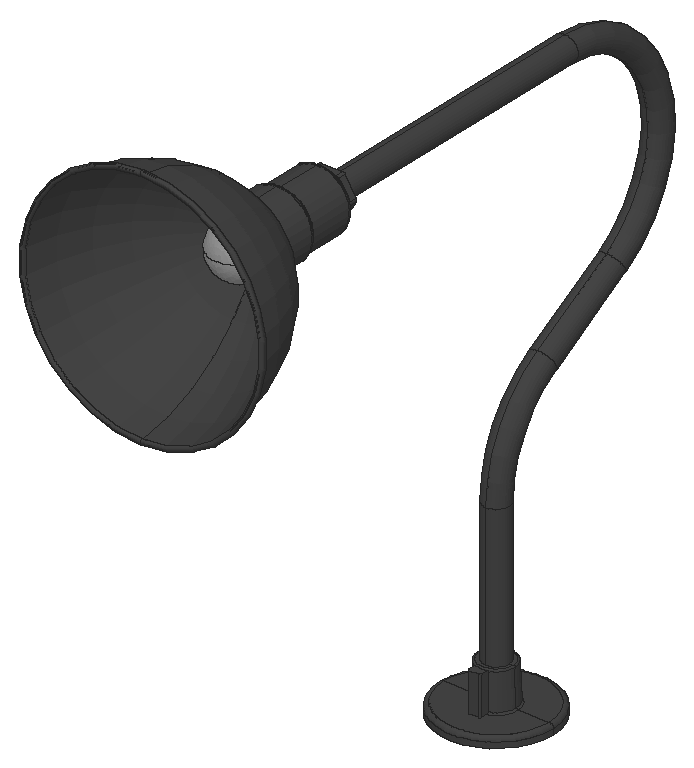
Revit family "BLE-G-DBW-G24-E26", category Lighting Fixtures, host Face, Revit 2022
Family settings
  Host = Face
  Round Connector Dimension = Use Diameter
  Part Type = Normal
  Cut with Voids When Loaded = No
  Light Source = Yes
  Maintain Annotation Orientation = No
  Shared = No
  Room Calculation Point = No
Parameters (values of type "10"")
  Wattage = 5.72229 W
  built-in parameter 1150110 = 1 (stored number, unit not read)
  built-in parameter 1114217 = 1 (stored number, unit not read)
  Tilt Angle = 0.00°
  built-in parameter 1150109 = 1 (stored number, unit not read)
  built-in parameter 1150134 = (empty or 0)
  built-in parameter 1150113 = 1 (stored number, unit not read)
  Gooseneck Material = 100 - Black
  Shade Material = 100 - Black
  Photometric Web File = "generic"
  built-in parameter 1150142 = (empty or 0)
  built-in parameter 1150105 = 67.641 (stored number, unit not read)
  Lumens = 850 lm
  built-in parameter 1150115 = 1 (stored number, unit not read)
  built-in parameter 1150137 = (empty or 0)
  built-in parameter 1150139 = (empty or 0)
  built-in parameter 1150112 = 1 (stored number, unit not read)
  built-in parameter 1150114 = 1 (stored number, unit not read)
  built-in parameter 1150132 = 2
  built-in parameter 1150102 = (empty or 0)
  built-in parameter 1150107 = 3000 (stored number, unit not read)
  built-in parameter 1150138 = (empty or 0)
  built-in parameter 1150106 = 0.67641 (stored number, unit not read)
  24" = no
  built-in parameter 1150104 = 13.8 (stored number, unit not read)
  20" = no
  Dimming Lamp Color Temperature Shift = <None>
  Default Elevation = 4' - 0"
  Color Filter = 16777215
  Base Material = 100 - Black
  built-in parameter 1114218 = 1 (stored number, unit not read)
  built-in parameter 1150133 = 10 (stored number, unit not read)
  16" = no
  14" = no
  12" = no
  10" = yes
Types (7): name | 24" | 20" | 16" | 14" | 12" | 10"
  (no name) | no | no | no | no | no | yes
  12" | no | no | no | no | yes | no
  14" | no | no | no | yes | no | no
  16" | no | no | yes | no | no | no
  10" | no | no | no | no | no | yes
  20" | no | yes | no | no | no | no
  24" | yes | no | no | no | no | no
Reference planes (in)
  plane 1 "Center (Front/Back)": y = 0
  plane 2: z = 0
  plane 3 "Center (Left/Right)": x = 0
Lines and regions (in)
  reference lines
    curve 1: line (0, 32, 0) -> (0, -36, 0)
    curve 2: line (-33.11947, 0, 0) -> (37.88053, 0, 0)
Dimensions and locks (in)
  locked: plane 1 "Center (Front/Back)" to imposter light at 13
  aligned and locked: plane 2 to host face
  aligned and locked: level to host face
  aligned and locked: plane 3 "Center (Left/Right)" to nested 1
  aligned and locked: plane 1 "Center (Front/Back)" to nested 1
  aligned and locked: nested 4 to imposter light
  aligned and locked: imposter light to nested 6  (x2)
  aligned and locked: nested 7 to nested 3
  aligned and locked: imposter light to plane 3 "Center (Left/Right)"
  aligned and locked: plane 1 "Center (Front/Back)" to nested 2
  aligned and locked: nested 5 to imposter light
  aligned and locked: imposter light to nested 3
  aligned and locked: nested 7 to imposter light
  aligned and locked: nested 3 to imposter light
  aligned and locked: imposter light to nested 5
Nested families (in)
  nested 1: "WBP-7501" at (0, 0, 0), type "WBP-7501"
  nested 2: "GNK-7524" at (0, 0, 1.975), type "GNK-5011"
  nested 3: "DBW Shade" at (0, -9.0266, 22.72143) x (0, 0, -1) z (0, -1, 0), type "DBW Shade"
    with 24" no, 20" no, 16" no, 14" no, 12" no
  nested 4: "103264" at (0, -3.60156, 22.72143) x (0, 0, -1) z (0, -1, 0), type "103264"
    with Heat Sink 9" no
  nested 5: "CPL-0004" at (0, -8.37642, 22.72143) x (1, 0, 0) z (0, -1, 0), type "CPL-0004"
  nested 6: "E26 Socket Assy" at (0, -9.06567, 22.72143) x (0, 0, -1) z (0, -1, 0), type "E26 Socket Assy"
  nested 7: "E26 Bulb" at (0, -11.32065, 22.72143) x (1, 0, 0) z (0, -1, 0), type "E26 Bulb"
Connectors (in)
  electrical at (0, 0, 0)
    settings: index 1, voltage 0 V, apparent load 0 VA, apparent load phase1 0 VA, apparent load phase2 0 VA, apparent load phase3 0 VA, power factor 1, load classification "Other", number of poles 1, system type 31, power factor state 1, is connector primary yes, connector utility no, sub classification motor no, connector description ""
Definition of nested family "WBP-7501"
  Parameters (values of type "WBP-7501")
    Default Elevation = 3' - 0"
    Base Material = none
  Reference planes (in)
    plane 1 "Center (Front/Back)": y = 0
    plane 2: z = 0
    plane 3 "Center (Left/Right)": x = 0
    plane 4 "Base Dia": x = -2.325
    plane 5 "Base Height": z = 0.4
    plane 6 "Fillet Radius": z = 0.225
    plane 7: z = 0.458
    plane 8: x = -0.87
    plane 9: x = -0.81
    plane 10: x = -0.76
    plane 11: z = 1.917
    plane 12: z = 1.975
    plane 13: x = -0.7
    plane 14: x = -0.2595
    plane 15: x = 0.2595
    plane 16: y = -1.135
  Forms (in)
    Extrusion 1, solid
      sketch origin (0, 0, 0) x (1, 0, 0) y (0, 1, 0)
        loop
          line (-48, 48) -> (-48, -48) -> (48, -48) -> (48, 48) -> (-48, 48)
      from 0 to -12
    Revolve 2, solid, material <- "Base Material"
      sketch origin (0, 0, 0) x (1, 0, 0) y (0, 0, 1)
        loop
          line (0, 0) -> (0, 1.975) -> (-0.7, 1.975)
          arc (-0.7, 1.975) -> (-0.74172, 1.95814) -> (-0.76, 1.91702) r 0.06003
          line (-0.76, 1.91702) -> (-0.81, 0.458)
          arc (-0.81, 0.458) -> (-0.82699, 0.41699) -> (-0.868, 0.4) r 0.058
          line (-0.868, 0.4) -> (-2.15, 0.4)
          arc (-2.15, 0.4) -> (-2.27374, 0.34874) -> (-2.325, 0.225) r 0.175
          line (-2.325, 0.225) -> (-2.325, 0) -> (0, 0)
        axis (0, 0) -> (0, 1.975)
      angle from 0 to 360
    Extrusion 3, solid, material <- "Base Material"
      sketch origin (0, 0, 0) x (1, 0, 0) y (0, 1, 0)
        loop
          line (-0.2595, -0.76731) -> (-0.2595, -1.075)
          arc (-0.2595, -1.075) -> (-0.24193, -1.11743) -> (-0.1995, -1.135) r 0.06
          line (-0.1995, -1.135) -> (0.1995, -1.135)
          arc (0.1995, -1.135) -> (0.24193, -1.11743) -> (0.2595, -1.075) r 0.06
          line (0.2595, -1.075) -> (0.2595, -0.76731)
          arc (0.2595, -0.76731) -> (0, -0.81) -> (-0.2595, -0.76731) r 0.81
      from 0 to 1.975
  Cuts and joins
    joined: Revolve 2, Extrusion 3
  Dimensions and locks (in)
    plane 4 "Base Dia" to plane 3 "Center (Left/Right)" = 0' - 2.325"
    locked: plane 5 "Base Height" to Extrusion 1 at 0.4
    locked: plane 3 "Center (Left/Right)" to plane 4 "Base Dia" at 2.325
    locked: plane 5 "Base Height" to plane 6 "Fillet Radius" at 0.175
    locked: plane 3 "Center (Left/Right)" to plane 9 at 0.81
    locked: plane 3 "Center (Left/Right)" to plane 8 at 0.87
    locked: plane 3 "Center (Left/Right)" to plane 10 at 0.76
    locked: plane 3 "Center (Left/Right)" to plane 13 at 0.7
    locked: plane 11 to plane 5 "Base Height" at 1.517
    locked: plane 12 to plane 5 "Base Height" at 1.575
    locked: plane 7 to plane 5 "Base Height" at 0.058
    locked: plane 14 to plane 3 "Center (Left/Right)" at 0.2595
    locked: plane 3 "Center (Left/Right)" to plane 15 at 0.2595
    locked: plane 16 to plane 1 "Center (Front/Back)" at 1.135
    radius of Revolve 2 sketch curve = 0' - 0.175"
    aligned and locked: plane 2 to Extrusion 1
    aligned and locked: level to Extrusion 1
    aligned and locked: Revolve 2 sketch curve to plane 5 "Base Height"
    aligned and locked: plane 9 to Revolve 2 sketch curve
    aligned and locked: plane 3 "Center (Left/Right)" to Revolve 2 sketch curve
    aligned and locked: plane 15 to Extrusion 3 sketch curve
    aligned and locked: Extrusion 3 sketch curve to plane 16
    aligned and locked: Extrusion 3 sketch curve to plane 14
  Automatic sketch dimensions
    Extrusion 1 sketch curve to Extrusion 1 sketch curve = 8' - 0"  (x2)
    Revolve 2 sketch curve to level = 0' - 0"
    Revolve 2 sketch curve to plane 4 "Base Dia" = 0' - 0"
    Revolve 2 sketch curve to plane 7 = 0' - 0"  (x2)
    plane 10 to Revolve 2 sketch curve = 0' - 0"
    Revolve 2 sketch curve to plane 12 = 0' - 0"
    Revolve 2 sketch curve to plane 13 = 0' - 0"
    Revolve 2 sketch curve to plane 3 "Center (Left/Right)" = 0' - 0"
    Revolve 2 sketch curve to Revolve 2 sketch curve = 0' - 0.22742"
    Revolve 2 sketch curve to Revolve 2 sketch curve = 0' - 1.76377"
    plane 1 "Center (Front/Back)" to Extrusion 3 sketch curve = 0' - 0"
    Extrusion 3 sketch curve to plane 3 "Center (Left/Right)" = 0' - 0"
    plane 14 to Extrusion 3 sketch curve = 0' - 0.06"
    Extrusion 3 sketch curve to plane 15 = 0' - 0.06"
    Extrusion 3 sketch curve to Extrusion 3 sketch curve = 0' - 0.30769"
Definition of nested family "GNK-7524"
  Parameters (values of type "GNK-7524")
    Gooseneck Material = none
    Default Elevation = 2' - 0"
  Reference planes (in)
    plane 1 "Center (Front/Back)": y = 0
    plane 2: z = -0.0015
    plane 3 "Center (Left/Right)": x = 0
    plane 4 "Wood Height": z = -0.0015
    plane 5: z = 20.74643
  Forms (in)
    Extrusion 1, solid
      sketch origin (0, 0, 0) x (1, 0, 0) y (0, 1, 0)
        loop
          line (-48, 48) -> (-48, -48) -> (48, -48) -> (48, 48) -> (-48, 48)
      from -0.0015 to -12
    Sweep 2, solid, material <- "Gooseneck Material"
      path origin (0, 0, 0) x (0, 1, 0) y (0, 0, 1)
        loop
          line (0, -0.0015) -> (0, 5.74776)
          arc (0, 5.74776) -> (0.63657, 8.12347) -> (2.37571, 9.8626) r 4.75141
          line (2.37571, 9.8626) -> (5.87481, 11.88281)
          arc (5.87481, 11.88281) -> (8.08796, 17.22582) -> (3.49981, 20.74643) r 4.75
          line (3.49981, 20.74643) -> (-8.37642, 20.74643)
      profile origin (0, 0, 2.87313) x (0, -1, 0) y (1, 0, 0)
        loop
          circle (0, 0) r 0.52676
  Dimensions and locks (in)
    aligned and locked: plane 2 to Extrusion 1
    aligned and locked: level to Extrusion 1
    aligned and locked: Extrusion 1 to plane 4 "Wood Height"
  Automatic sketch dimensions
    Extrusion 1 sketch curve to Extrusion 1 sketch curve = 8' - 0"  (x2)
    Sweep 2 sketch curve to plane 1 "Center (Front/Back)" = 0' - 0"
    Sweep 2 sketch curve to plane 2 = 0' - 0"
    Sweep 2 sketch curve to plane 1 "Center (Front/Back)" = 0' - 2.37571"
    Sweep 2 sketch curve to plane 1 "Center (Front/Back)" = 0' - 3.49981"
    Sweep 2 sketch curve to Sweep 2 sketch curve = 0' - 3.4991"
    level to Sweep 2 sketch curve = 0' - 5.74776"
    Sweep 2 sketch curve to Sweep 2 sketch curve = 0' - 2.02021"
    plane 1 "Center (Front/Back)" to Sweep 2 sketch curve = 0' - 8.37642"
    Sweep 2 sketch curve to plane 3 "Center (Left/Right)" = 0' - 0"
    Sweep 2 sketch curve to profile plane = 0' - 0"
    radius of Sweep 2 sketch curve = 0' - 0.52676"
Definition of nested family "DBW Shade"
  Parameters (values of type "DBW Shade")
    Shade Material = none
    Default Elevation = 2' - 0"
    24" = yes
    20" = yes
    10" = yes
    16" = yes
    14" = yes
    12" = yes
  Reference planes (in)
    plane 1 "Center (Front/Back)": y = 0
    plane 2: z = 0
    plane 3 "Center (Left/Right)": x = 0
  Forms (in)
    Extrusion 1, solid
      sketch origin (0, 0, 0) x (1, 0, 0) y (0, 1, 0)
        loop
          line (-48, 48) -> (-48, -48) -> (48, -48) -> (48, 48) -> (-48, 48)
      from 0 to -12
  Dimensions and locks (in)
    aligned and locked: plane 2 to Extrusion 1
    aligned and locked: level to Extrusion 1
    aligned and locked: plane 1 "Center (Front/Back)" to nested 1
    aligned and locked: plane 3 "Center (Left/Right)" to nested 1
    aligned and locked: plane 3 "Center (Left/Right)" to nested 2
    aligned and locked: plane 1 "Center (Front/Back)" to nested 2
    aligned and locked: plane 1 "Center (Front/Back)" to nested 3
    aligned and locked: plane 3 "Center (Left/Right)" to nested 3
    aligned and locked: plane 1 "Center (Front/Back)" to nested 4
    aligned and locked: plane 1 "Center (Front/Back)" to nested 5
    aligned and locked: plane 3 "Center (Left/Right)" to nested 5
    aligned and locked: plane 3 "Center (Left/Right)" to nested 6
    aligned and locked: plane 1 "Center (Front/Back)" to nested 6
    aligned and locked: plane 3 "Center (Left/Right)" to nested 4
  Nested families (in)
    nested 1: "SHD-0028" at (0, 0, 0), visible <- "10"", type "SHD-0028"
    nested 2: "SHD-0029" at (0, 0, 0), visible <- "12"", type "SHD-0029"
    nested 3: "SHD-0114" at (0, 0, 0), visible <- "14"", type "SHD-0114"
    nested 4: "SHD-0115" at (0, 0, 0), visible <- "16"", type "SHD-0115"
    nested 5: "SHD-0308" at (0, 0, 0), visible <- "24"", type "SHD-0308"
    nested 6: "SHD-0223" at (0, 0, 0), visible <- "20"", type "SHD-0223"
  Definition of nested family "SHD-0028"
    Parameters (values of type "SHD-0028")
      Shade Material = none
      Default Elevation = 2' - 0"
    Reference planes (in)
      plane 1 "Center (Front/Back)": y = 0
      plane 2: z = 0
      plane 3 "Center (Left/Right)": x = 0
      plane 4 "Wood Height": z = 0
      plane 5 "Nut Radius": x = -1.03713
      plane 6 "Nut Flat": x = -0.861
      plane 7 "Shade Thickness": z = 0.04
      plane 8 "Lower Shade bottom": z = 9.109
      plane 9 "Lower Shade Outer Dia": x = -5
      plane 10 "Shade Top Dia": x = -1.20713
      plane 11 "Shade Middle Radius Height1": z = 1.965
      plane 12 "Shade Lower Diameter1": x = -1.44113
      plane 13 "Shade Top Radius": x = -1.29713
      plane 14 "Shade Middle Radious Height2": z = 2.105
      plane 15 "Shade Middle Radius Diameter2": x = -1.41363
      plane 16 "Lip Height": z = 9.029
      plane 17 "Bowl Start": z = 3.545
      plane 18: x = -4.85
      plane 19: z = 9.069
    Forms (in)
      Extrusion 1, solid
        sketch origin (0, 0, 0) x (1, 0, 0) y (0, 1, 0)
          loop
            line (-48, 48) -> (-48, -48) -> (48, -48) -> (48, 48) -> (-48, 48)
        from 0 to -12
      Revolve 2, solid, material <- "Shade Material"
        sketch origin (0, 0, 0) x (1, 0, 0) y (0, 0, 1)
          loop
            line (0, 0) -> (0, 0.03906) -> (-1.20713, 0.03906)
            arc (-1.20713, 0.03906) -> (-1.24314, 0.05398) -> (-1.25806, 0.09) r 0.05094
            line (-1.25806, 0.09) -> (-1.25806, 1.94384)
            arc (-1.25806, 1.94384) -> (-1.26409, 1.97759) -> (-1.28141, 2.00717) r 0.09757
            line (-1.28141, 2.00717) -> (-1.37456, 2.11635) -> (-1.37456, 3.48096)
            arc (-1.37456, 3.48096) -> (-1.39014, 3.54099) -> (-1.43295, 3.58588) r 0.12347
            arc (-1.43295, 3.58588) -> (-3.7536, 5.90437) -> (-4.80544, 9.01154) r 7.20294
            arc (-4.80544, 9.01154) -> (-4.99326, 9.04214) -> (-4.84504, 8.9228) r 0.09841
            line (-4.84504, 8.9228) -> (-4.86619, 8.95581)
            arc (-4.86619, 8.95581) -> (-4.95809, 9.02506) -> (-4.84432, 9.00777) r 0.05934
            arc (-4.84432, 9.00777) -> (-3.78678, 5.88375) -> (-1.45354, 3.55268) r 7.242
            arc (-1.45354, 3.55268) -> (-1.42428, 3.522) -> (-1.41363, 3.48096) r 0.0844
            line (-1.41363, 3.48096) -> (-1.41363, 2.13147)
            arc (-1.41363, 2.13147) -> (-1.40868, 2.10377) -> (-1.39446, 2.07949) r 0.08009
            line (-1.39446, 2.07949) -> (-1.31112, 1.98181)
            arc (-1.31112, 1.98181) -> (-1.30074, 1.96408) -> (-1.29713, 1.94384) r 0.0585
            line (-1.29713, 1.94384) -> (-1.29713, 0.09)
            arc (-1.29713, 0.09) -> (-1.27077, 0.02636) -> (-1.20713, 0) r 0.09
            line (-1.20713, 0) -> (0, 0)
          axis (0, 9.01154) -> (0, 0)
        angle from 0 to 360
    Dimensions and locks (in)
      locked: plane 6 "Nut Flat" to plane 3 "Center (Left/Right)" at 0.861
      locked: plane 7 "Shade Thickness" to plane 4 "Wood Height" at 0.04
      locked: plane 3 "Center (Left/Right)" to plane 9 "Lower Shade Outer Dia" at 5
      locked: plane 11 "Shade Middle Radius Height1" to plane 4 "Wood Height" at 1.965
      locked: plane 14 "Shade Middle Radious Height2" to plane 4 "Wood Height" at 2.105
      locked: plane 8 "Lower Shade bottom" to plane 16 "Lip Height" at 0.08
      locked: plane 17 "Bowl Start" to plane 4 "Wood Height" at 3.545
      locked: plane 18 to plane 9 "Lower Shade Outer Dia" at 0.15
      locked: plane 8 "Lower Shade bottom" to plane 19 at 0.04
      locked: plane 8 "Lower Shade bottom" to plane 4 "Wood Height" at 9.109
      aligned and locked: plane 2 to Extrusion 1
      aligned and locked: level to Extrusion 1
      aligned and locked: plane 4 "Wood Height" to Revolve 2 sketch curve
      aligned and locked: plane 10 "Shade Top Dia" to Revolve 2 sketch curve
      aligned and locked: Revolve 2 sketch curve to plane 15 "Shade Middle Radius Diameter2"
      aligned and locked: Revolve 2 sketch curve to plane 13 "Shade Top Radius"
      aligned and locked: Extrusion 1 to plane 4 "Wood Height"
    Automatic sketch dimensions
      Extrusion 1 sketch curve to Extrusion 1 sketch curve = 8' - 0"  (x2)
      Revolve 2 sketch curve to Revolve 2 sketch curve = 0' - 0"  (x12)
      Revolve 2 sketch curve to plane 3 "Center (Left/Right)" = 0' - 0"  (x2)
      plane 18 to Revolve 2 sketch curve = 0' - 0.00496"
      Revolve 2 sketch curve to plane 18 = 0' - 0.01619"
      plane 15 "Shade Middle Radius Diameter2" to Revolve 2 sketch curve = 0' - 0.01916"
      plane 14 "Shade Middle Radious Height2" to Revolve 2 sketch curve = 0' - 0.01135"
      plane 15 "Shade Middle Radius Diameter2" to Revolve 2 sketch curve = 0' - 0 5/128"
      Revolve 2 sketch curve to plane 11 "Shade Middle Radius Height1" = 0' - 0.02116"
      plane 15 "Shade Middle Radius Diameter2" to Revolve 2 sketch curve = 0' - 0.058"
      plane 14 "Shade Middle Radious Height2" to Revolve 2 sketch curve = 0' - 0.02647"
      Revolve 2 sketch curve to plane 13 "Shade Top Radius" = 0' - 0.01572"
      Revolve 2 sketch curve to Revolve 2 sketch curve = 0' - 0 5/128"
      Revolve 2 sketch curve to plane 17 "Bowl Start" = 0' - 0.06404"
      plane 18 to Revolve 2 sketch curve = 0' - 0.00568"
      plane 17 "Bowl Start" to Revolve 2 sketch curve = 0' - 0.15101"
      Revolve 2 sketch curve to Revolve 2 sketch curve = 0' - 2.15863"
      Revolve 2 sketch curve to plane 12 "Shade Lower Diameter1" = 0' - 0.00818"
      Revolve 2 sketch curve to Revolve 2 sketch curve = 0' - 0.03888"  (x2)
      Revolve 2 sketch curve to Revolve 2 sketch curve = 0' - 0.03301"
      Revolve 2 sketch curve to Revolve 2 sketch curve = 0' - 0.02059"
      Revolve 2 sketch curve to Revolve 2 sketch curve = 0' - 0.03319"
  Definition of nested family "SHD-0029"
    Parameters (values of type "SHD-0029")
      Shade Material = none
      Default Elevation = 2' - 0"
    Reference planes (in)
      plane 1 "Center (Front/Back)": y = 0
      plane 2: z = 0
      plane 3 "Center (Left/Right)": x = 0
      plane 4 "Wood Height": z = 0
      plane 5 "Nut Radius": x = -1.03713
      plane 6 "Nut Flat": x = -0.861
      plane 7 "Shade Thickness": z = 0.04
      plane 8 "Shade Top Dia": x = -1.20713
      plane 9 "Shade Middle Radius Height1": z = 1.965
      plane 10 "Shade Lower Diameter1": x = -1.44113
      plane 11 "Shade Top Radius": x = -1.29713
      plane 12 "Shade Middle Radious Height2": z = 2.105
      plane 13 "Shade Middle Radius Diameter2": x = -1.41363
      plane 14 "Bowl Start": z = 3.545
    Forms (in)
      Extrusion 1, solid
        sketch origin (0, 0, 0) x (1, 0, 0) y (0, 1, 0)
          loop
            line (-48, 48) -> (-48, -48) -> (48, -48) -> (48, 48) -> (-48, 48)
        from 0 to -12
      Revolve 2, solid, material <- "Shade Material"
        sketch origin (0, 0, 0) x (1, 0, 0) y (0, 0, 1)
          loop
            line (0, 0) -> (0, 0.03906) -> (-1.20713, 0.03906)
            arc (-1.20713, 0.03906) -> (-1.24314, 0.05398) -> (-1.25806, 0.09) r 0.05094
            line (-1.25806, 0.09) -> (-1.25806, 1.94384)
            arc (-1.25806, 1.94384) -> (-1.26409, 1.97759) -> (-1.28141, 2.00717) r 0.09757
            line (-1.28141, 2.00717) -> (-1.37456, 2.11635) -> (-1.37456, 3.49488)
            arc (-1.37456, 3.49488) -> (-1.3856, 3.54027) -> (-1.41623, 3.57553) r 0.09889
            arc (-1.41623, 3.57553) -> (-4.2546, 6.22323) -> (-5.80711, 9.7808) r 9.56481
            arc (-5.80711, 9.7808) -> (-5.99536, 9.79563) -> (-5.84506, 9.68132) r 0.09841
            line (-5.84506, 9.68132) -> (-5.86621, 9.71432)
            arc (-5.86621, 9.71432) -> (-5.9593, 9.78052) -> (-5.84534, 9.77276) r 0.05934
            arc (-5.84534, 9.77276) -> (-4.28694, 6.2013) -> (-1.43786, 3.54296) r 9.60387
            arc (-1.43786, 3.54296) -> (-1.42003, 3.5218) -> (-1.41363, 3.49488) r 0.05982
            line (-1.41363, 3.49488) -> (-1.41363, 2.13147)
            arc (-1.41363, 2.13147) -> (-1.40868, 2.10377) -> (-1.39446, 2.07949) r 0.08009
            line (-1.39446, 2.07949) -> (-1.31112, 1.98181)
            arc (-1.31112, 1.98181) -> (-1.30074, 1.96408) -> (-1.29713, 1.94384) r 0.0585
            line (-1.29713, 1.94384) -> (-1.29713, 0.09)
            arc (-1.29713, 0.09) -> (-1.27077, 0.02636) -> (-1.20713, 0) r 0.09
            line (-1.20713, 0) -> (0, 0)
          axis (0, 9.7808) -> (0, 0)
        angle from 0 to 360
    Dimensions and locks (in)
      locked: plane 6 "Nut Flat" to plane 3 "Center (Left/Right)" at 0.861
      locked: plane 7 "Shade Thickness" to plane 4 "Wood Height" at 0.04
      locked: plane 9 "Shade Middle Radius Height1" to plane 4 "Wood Height" at 1.965
      locked: plane 12 "Shade Middle Radious Height2" to plane 4 "Wood Height" at 2.105
      locked: plane 14 "Bowl Start" to plane 4 "Wood Height" at 3.545
      aligned and locked: plane 2 to Extrusion 1
      aligned and locked: level to Extrusion 1
      aligned and locked: plane 4 "Wood Height" to Revolve 2 sketch curve
      aligned and locked: plane 8 "Shade Top Dia" to Revolve 2 sketch curve
      aligned and locked: Revolve 2 sketch curve to plane 13 "Shade Middle Radius Diameter2"
      aligned and locked: Revolve 2 sketch curve to plane 11 "Shade Top Radius"
      aligned and locked: Extrusion 1 to plane 4 "Wood Height"
    Automatic sketch dimensions
      Extrusion 1 sketch curve to Extrusion 1 sketch curve = 8' - 0"  (x2)
      Revolve 2 sketch curve to Revolve 2 sketch curve = 0' - 0"  (x15)
      Revolve 2 sketch curve to plane 3 "Center (Left/Right)" = 0' - 0"  (x2)
      plane 10 "Shade Lower Diameter1" to Revolve 2 sketch curve = 0' - 0.03232"
      Revolve 2 sketch curve to Revolve 2 sketch curve = 0' - 0.02115"
      Revolve 2 sketch curve to Revolve 2 sketch curve = 0' - 0.0372"
      plane 13 "Shade Middle Radius Diameter2" to Revolve 2 sketch curve = 0' - 0.01916"
      plane 12 "Shade Middle Radious Height2" to Revolve 2 sketch curve = 0' - 0.01135"
      plane 13 "Shade Middle Radius Diameter2" to Revolve 2 sketch curve = 0' - 0 5/128"
      Revolve 2 sketch curve to plane 9 "Shade Middle Radius Height1" = 0' - 0.02116"
      plane 13 "Shade Middle Radius Diameter2" to Revolve 2 sketch curve = 0' - 0.058"
      plane 12 "Shade Middle Radious Height2" to Revolve 2 sketch curve = 0' - 0.02647"
      Revolve 2 sketch curve to plane 11 "Shade Top Radius" = 0' - 0.01572"
      Revolve 2 sketch curve to Revolve 2 sketch curve = 0' - 0 5/128"
      Revolve 2 sketch curve to plane 14 "Bowl Start" = 0' - 0.05012"
      Revolve 2 sketch curve to Revolve 2 sketch curve = 0' - 0.03301"
      Revolve 2 sketch curve to Revolve 2 sketch curve = 0' - 0.04623"
      Revolve 2 sketch curve to plane 13 "Shade Middle Radius Diameter2" = 0' - 0.00261"
      Revolve 2 sketch curve to plane 14 "Bowl Start" = 0' - 0.00204"
      plane 14 "Bowl Start" to Revolve 2 sketch curve = 0' - 0.15101"
      Revolve 2 sketch curve to Revolve 2 sketch curve = 0' - 2.15863"
      plane 10 "Shade Lower Diameter1" to Revolve 2 sketch curve = 0' - 4.40394"
      plane 3 "Center (Left/Right)" to Revolve 2 sketch curve = 0' - 3.5532"
      plane 14 "Bowl Start" to Revolve 2 sketch curve = 0' - 6.13632"
  Definition of nested family "SHD-0114"
    Parameters (values of type "SHD-0114")
      Shade Material = none
      Default Elevation = 2' - 0"
    Reference planes (in)
      plane 1 "Center (Front/Back)": y = 0
      plane 2: z = 0
      plane 3 "Center (Left/Right)": x = 0
      plane 4 "Wood Height": z = 0
    Forms (in)
      Extrusion 1, solid
        sketch origin (0, 0, 0) x (1, 0, 0) y (0, 1, 0)
          loop
            line (-48, 48) -> (-48, -48) -> (48, -48) -> (48, 48) -> (-48, 48)
        from 0 to -12
      Revolve 2, solid, material <- "Shade Material"
        sketch origin (0, 0, 0) x (1, 0, 0) y (0, 0, 1)
          loop
            line (0, 0) -> (0, 0.03906) -> (-1.45545, 0.03906)
            arc (-1.45545, 0.03906) -> (-1.49164, 0.05405) -> (-1.50663, 0.09025) r 0.05119
            line (-1.50663, 0.09025) -> (-1.50663, 2.07228)
            arc (-1.50663, 2.07228) -> (-1.51325, 2.1034) -> (-1.53194, 2.12913) r 0.0765
            line (-1.53194, 2.12913) -> (-1.59895, 2.18946)
            arc (-1.59895, 2.18946) -> (-1.61737, 2.21483) -> (-1.62389, 2.24549) r 0.07539
            line (-1.62389, 2.24549) -> (-1.62389, 3.76049)
            arc (-1.62389, 3.76049) -> (-1.63985, 3.81863) -> (-1.68326, 3.86047) r 0.11386
            arc (-1.68326, 3.86047) -> (-5.12462, 6.95788) -> (-6.79993, 11.27416) r 9.99002
            arc (-6.79993, 11.27416) -> (-6.99505, 11.29998) -> (-6.84047, 11.17815) r 0.10205
            line (-6.84047, 11.17815) -> (-6.86365, 11.20959)
            arc (-6.86365, 11.20959) -> (-6.95906, 11.28479) -> (-6.83863, 11.26885) r 0.06299
            arc (-6.83863, 11.26885) -> (-5.15677, 6.93569) -> (-1.70196, 3.82617) r 10.02909
            arc (-1.70196, 3.82617) -> (-1.67344, 3.79868) -> (-1.66295, 3.76049) r 0.07479
            line (-1.66295, 3.76049) -> (-1.66295, 2.24549)
            arc (-1.66295, 2.24549) -> (-1.65306, 2.19894) -> (-1.62508, 2.16043) r 0.11445
            line (-1.62508, 2.16043) -> (-1.55808, 2.1001)
            arc (-1.55808, 2.1001) -> (-1.54893, 2.08751) -> (-1.54569, 2.07228) r 0.03743
            line (-1.54569, 2.07228) -> (-1.54569, 0.09025)
            arc (-1.54569, 0.09025) -> (-1.51926, 0.02643) -> (-1.45545, 0) r 0.09025
            line (-1.45545, 0) -> (0, 0)
          axis (0, 11.27416) -> (0, 0)
        angle from 0 to 360
    Dimensions and locks (in)
      aligned and locked: plane 2 to Extrusion 1
      aligned and locked: level to Extrusion 1
      aligned and locked: Extrusion 1 to plane 4 "Wood Height"
    Automatic sketch dimensions
      Extrusion 1 sketch curve to Extrusion 1 sketch curve = 8' - 0"  (x2)
      Revolve 2 sketch curve to Revolve 2 sketch curve = 0' - 0"  (x25)
      Revolve 2 sketch curve to level = 0' - 0"
      Revolve 2 sketch curve to plane 3 "Center (Left/Right)" = 0' - 0"  (x2)
      Revolve 2 sketch curve to Revolve 2 sketch curve = 0' - 0.01239"
      Revolve 2 sketch curve to Revolve 2 sketch curve = 0' - 0.07479"
      Revolve 2 sketch curve to Revolve 2 sketch curve = 0' - 0.02318"
      Revolve 2 sketch curve to Revolve 2 sketch curve = 0' - 0.03738"
      Revolve 2 sketch curve to Revolve 2 sketch curve = 0' - 0.03144"
      Revolve 2 sketch curve to Revolve 2 sketch curve = 0' - 0.0507"
      Revolve 2 sketch curve to Revolve 2 sketch curve = 0' - 0.01869"  (x2)
      Revolve 2 sketch curve to Revolve 2 sketch curve = 0' - 2.15863"
      plane 3 "Center (Left/Right)" to Revolve 2 sketch curve = 0' - 3.09734"
      Revolve 2 sketch curve to Revolve 2 sketch curve = 0' - 0.02614"
      Revolve 2 sketch curve to Revolve 2 sketch curve = 0' - 0 5/128"  (x2)
      Revolve 2 sketch curve to Revolve 2 sketch curve = 0' - 1.45545"
      Revolve 2 sketch curve to Revolve 2 sketch curve = 0' - 0.05119"
      Revolve 2 sketch curve to Revolve 2 sketch curve = 0' - 0.02531"
      Revolve 2 sketch curve to Revolve 2 sketch curve = 0' - 0.01656"
      Revolve 2 sketch curve to Revolve 2 sketch curve = 0' - 0.02505"
      Revolve 2 sketch curve to Revolve 2 sketch curve = 0' - 0.05045"
      Revolve 2 sketch curve to plane 3 "Center (Left/Right)" = 0' - 6.84047"
      Revolve 2 sketch curve to Revolve 2 sketch curve = 0' - 1.98204"
      Revolve 2 sketch curve to Revolve 2 sketch curve = 0' - 1.515"
      Revolve 2 sketch curve to Revolve 2 sketch curve = 0' - 7.41765"
      Revolve 2 sketch curve to Revolve 2 sketch curve = 0' - 0.06448"
  Definition of nested family "SHD-0115"
    Parameters (values of type "SHD-0115")
      Shade Material = none
      Default Elevation = 2' - 0"
    Reference planes (in)
      plane 1 "Center (Front/Back)": y = 0
      plane 2: z = 0
      plane 3 "Center (Left/Right)": x = 0
      plane 4 "Wood Height": z = 0
    Forms (in)
      Extrusion 1, solid
        sketch origin (0, 0, 0) x (1, 0, 0) y (0, 1, 0)
          loop
            line (-48, 48) -> (-48, -48) -> (48, -48) -> (48, 48) -> (-48, 48)
        from 0 to -12
      Revolve 2, solid, material <- "Shade Material"
        sketch origin (0, 0, 0) x (1, 0, 0) y (0, 0, 1)
          loop
            line (0, 0) -> (0, 0.03906) -> (-1.45545, 0.03906)
            arc (-1.45545, 0.03906) -> (-1.49164, 0.05405) -> (-1.50663, 0.09025) r 0.05119
            line (-1.50663, 0.09025) -> (-1.50663, 2.07228)
            arc (-1.50663, 2.07228) -> (-1.51325, 2.1034) -> (-1.53194, 2.12913) r 0.0765
            line (-1.53194, 2.12913) -> (-1.59895, 2.18946)
            arc (-1.59895, 2.18946) -> (-1.61737, 2.21483) -> (-1.62389, 2.24549) r 0.07539
            line (-1.62389, 2.24549) -> (-1.62389, 3.76049)
            arc (-1.62389, 3.76049) -> (-1.64115, 3.82076) -> (-1.6877, 3.86276) r 0.11386
            arc (-1.6877, 3.86276) -> (-5.9143, 7.51176) -> (-7.79992, 12.76759) r 10.98102
            arc (-7.79992, 12.76759) -> (-7.99459, 12.80067) -> (-7.84102, 12.67655) r 0.10205
            line (-7.84102, 12.67655) -> (-7.8642, 12.70799)
            arc (-7.8642, 12.70799) -> (-7.95899, 12.7846) -> (-7.83883, 12.76418) r 0.06299
            arc (-7.83883, 12.76418) -> (-5.94651, 7.48965) -> (-1.70487, 3.82767) r 11.02008
            arc (-1.70487, 3.82767) -> (-1.67429, 3.80009) -> (-1.66295, 3.76049) r 0.07479
            line (-1.66295, 3.76049) -> (-1.66295, 2.24549)
            arc (-1.66295, 2.24549) -> (-1.65306, 2.19894) -> (-1.62508, 2.16043) r 0.11445
            line (-1.62508, 2.16043) -> (-1.55808, 2.1001)
            arc (-1.55808, 2.1001) -> (-1.54893, 2.08751) -> (-1.54569, 2.07228) r 0.03743
            line (-1.54569, 2.07228) -> (-1.54569, 0.09025)
            arc (-1.54569, 0.09025) -> (-1.51926, 0.02643) -> (-1.45545, 0) r 0.09025
            line (-1.45545, 0) -> (0, 0)
          axis (0, 12.76759) -> (0, 0)
        angle from 0 to 360
    Dimensions and locks (in)
      aligned and locked: plane 2 to Extrusion 1
      aligned and locked: level to Extrusion 1
      aligned and locked: Extrusion 1 to plane 4 "Wood Height"
    Automatic sketch dimensions
      Extrusion 1 sketch curve to Extrusion 1 sketch curve = 8' - 0"  (x2)
      Revolve 2 sketch curve to Revolve 2 sketch curve = 0' - 0"  (x16)
      Revolve 2 sketch curve to level = 0' - 0"
      Revolve 2 sketch curve to plane 3 "Center (Left/Right)" = 0' - 0"  (x2)
      Revolve 2 sketch curve to Revolve 2 sketch curve = 0' - 1.45545"
      Revolve 2 sketch curve to plane 3 "Center (Left/Right)" = 0' - 1.50663"
      Revolve 2 sketch curve to Revolve 2 sketch curve = 0' - 0.02531"
      Revolve 2 sketch curve to Revolve 2 sketch curve = 0' - 0 5/128"
      Revolve 2 sketch curve to Revolve 2 sketch curve = 0' - 0.01656"
      Revolve 2 sketch curve to Revolve 2 sketch curve = 0' - 0.01239"
      Revolve 2 sketch curve to Revolve 2 sketch curve = 0' - 0.02505"
      Revolve 2 sketch curve to Revolve 2 sketch curve = 0' - 0.05045"
      Revolve 2 sketch curve to Revolve 2 sketch curve = 0' - 0.02494"
      Revolve 2 sketch curve to Revolve 2 sketch curve = 0' - 0.02614"
      Revolve 2 sketch curve to Revolve 2 sketch curve = 0' - 0.07479"
      Revolve 2 sketch curve to Revolve 2 sketch curve = 0' - 0.02318"
      Revolve 2 sketch curve to Revolve 2 sketch curve = 0' - 0.03738"
      plane 3 "Center (Left/Right)" to Revolve 2 sketch curve = 0' - 3.13919"
      Revolve 2 sketch curve to Revolve 2 sketch curve = 0' - 1.98204"
      Revolve 2 sketch curve to Revolve 2 sketch curve = 0' - 1.515"
      Revolve 2 sketch curve to Revolve 2 sketch curve = 0' - 0.03144"
      Revolve 2 sketch curve to Revolve 2 sketch curve = 0' - 0.0507"
      Revolve 2 sketch curve to Revolve 2 sketch curve = 0' - 1.04947"
      Revolve 2 sketch curve to Revolve 2 sketch curve = 0' - 0.03891"
      Revolve 2 sketch curve to Revolve 2 sketch curve = 0' - 0.06448"
      Revolve 2 sketch curve to Revolve 2 sketch curve = 0' - 2.15863"
  Definition of nested family "SHD-0308"
    Parameters (values of type "SHD-0308")
      Shade Material = none
      Default Elevation = 2' - 0"
    Reference planes (in)
      plane 1 "Center (Front/Back)": y = 0
      plane 2: z = 0
      plane 3 "Center (Left/Right)": x = 0
      plane 4 "Wood Height": z = 0
    Forms (in)
      Extrusion 1, solid
        sketch origin (0, 0, 0) x (1, 0, 0) y (0, 1, 0)
          loop
            line (-48, 48) -> (-48, -48) -> (48, -48) -> (48, 48) -> (-48, 48)
        from 0 to -12
      Revolve 2, solid, material <- "Shade Material"
        sketch origin (0, 0, 0) x (1, 0, 0) y (0, 0, 1)
          loop
            line (0, 0) -> (0, 0.03906) -> (-2.22237, 0.03906)
            arc (-2.22237, 0.03906) -> (-2.2742, 0.06053) -> (-2.29567, 0.11236) r 0.0733
            line (-2.29567, 0.11236) -> (-2.29567, 3.09806)
            arc (-2.29567, 3.09806) -> (-2.30835, 3.16758) -> (-2.34475, 3.22814) r 0.19691
            line (-2.34475, 3.22814) -> (-2.42725, 3.32189)
            arc (-2.42725, 3.32189) -> (-2.46224, 3.38009) -> (-2.47442, 3.4469) r 0.18923
            line (-2.47442, 3.4469) -> (-2.47442, 5.72055)
            arc (-2.47442, 5.72055) -> (-2.4994, 5.80773) -> (-2.56677, 5.86845) r 0.16462
            arc (-2.56677, 5.86845) -> (-9.0535, 11.47959) -> (-11.91654, 19.56448) r 16.76616
            arc (-11.91654, 19.56448) -> (-11.93143, 19.59499) -> (-11.96306, 19.60734) r 0.04667
            line (-11.96306, 19.60734) -> (-12.00319, 19.60734)
            arc (-12.00319, 19.60734) -> (-12.07667, 19.53386) -> (-12.00319, 19.46037) r 0.07348
            line (-12.00319, 19.46037) -> (-11.96309, 19.46037) -> (-11.96309, 19.49944) -> (-12.00319, 19.49944)
            arc (-12.00319, 19.49944) -> (-12.03761, 19.53386) -> (-12.00319, 19.56828) r 0.03442
            line (-12.00319, 19.56828) -> (-11.95604, 19.56828)
            arc (-11.95604, 19.56828) -> (-9.08774, 11.46046) -> (-2.58392, 5.83336) r 16.80523
            arc (-2.58392, 5.83336) -> (-2.53254, 5.78704) -> (-2.51348, 5.72055) r 0.12556
            line (-2.51348, 5.72055) -> (-2.51348, 3.4469)
            arc (-2.51348, 3.4469) -> (-2.49878, 3.3663) -> (-2.45658, 3.29609) r 0.22829
            line (-2.45658, 3.29609) -> (-2.37408, 3.20234)
            arc (-2.37408, 3.20234) -> (-2.34489, 3.15379) -> (-2.33473, 3.09806) r 0.15785
            line (-2.33473, 3.09806) -> (-2.33473, 0.11236)
            arc (-2.33473, 0.11236) -> (-2.30182, 0.03291) -> (-2.22237, 0) r 0.11236
            line (-2.22237, 0) -> (0, 0)
          axis (0, 19.60734) -> (0, 0)
        angle from 0 to 360
    Dimensions and locks (in)
      aligned and locked: plane 2 to Extrusion 1
      aligned and locked: level to Extrusion 1
      aligned and locked: Extrusion 1 to plane 4 "Wood Height"
    Automatic sketch dimensions
      Extrusion 1 sketch curve to Extrusion 1 sketch curve = 8' - 0"  (x2)
      Revolve 2 sketch curve to Revolve 2 sketch curve = 0' - 0"  (x24)
      Revolve 2 sketch curve to level = 0' - 0"
      Revolve 2 sketch curve to plane 3 "Center (Left/Right)" = 0' - 0"  (x2)
      Revolve 2 sketch curve to Revolve 2 sketch curve = 0' - 0.01047"
      Revolve 2 sketch curve to Revolve 2 sketch curve = 0' - 0.01002"
      Revolve 2 sketch curve to Revolve 2 sketch curve = 0' - 0.02933"  (x2)
      Revolve 2 sketch curve to Revolve 2 sketch curve = 0' - 0.04717"
      Revolve 2 sketch curve to Revolve 2 sketch curve = 0' - 0.12556"
      Revolve 2 sketch curve to Revolve 2 sketch curve = 0' - 0.00701"
      Revolve 2 sketch curve to Revolve 2 sketch curve = 0' - 0.00004"
      Revolve 2 sketch curve to Revolve 2 sketch curve = 0' - 0.04013"
      plane 3 "Center (Left/Right)" to Revolve 2 sketch curve = 0' - 4.79372"
      Revolve 2 sketch curve to Revolve 2 sketch curve = 0' - 0 5/128"  (x2)
      Revolve 2 sketch curve to Revolve 2 sketch curve = 0' - 2.9857"
      Revolve 2 sketch curve to Revolve 2 sketch curve = 0' - 2.27365"
      Revolve 2 sketch curve to Revolve 2 sketch curve = 0' - 0.03442"
      Revolve 2 sketch curve to Revolve 2 sketch curve = 0' - 0.00761"
      Revolve 2 sketch curve to Revolve 2 sketch curve = 0' - 0.24911"
      Revolve 2 sketch curve to Revolve 2 sketch curve = 0' - 2.15863"
      Revolve 2 sketch curve to Revolve 2 sketch curve = 0' - 2.22237"
      Revolve 2 sketch curve to plane 3 "Center (Left/Right)" = 0' - 2.28519"
      Revolve 2 sketch curve to plane 3 "Center (Left/Right)" = 0' - 11.95604"
      Revolve 2 sketch curve to Revolve 2 sketch curve = 1' - 1.73983"
      Revolve 2 sketch curve to Revolve 2 sketch curve = 1' - 3.07792"
  Definition of nested family "SHD-0223"
    Parameters (values of type "SHD-0223")
      Shade Material = none
      Default Elevation = 2' - 0"
    Reference planes (in)
      plane 1 "Center (Front/Back)": y = 0
      plane 2: z = 0
      plane 3 "Center (Left/Right)": x = 0
      plane 4 "Wood Height": z = 0
    Forms (in)
      Extrusion 1, solid
        sketch origin (0, 0, 0) x (1, 0, 0) y (0, 1, 0)
          loop
            line (-48, 48) -> (-48, -48) -> (48, -48) -> (48, 48) -> (-48, 48)
        from 0 to -12
      Revolve 2, solid, material <- "Shade Material"
        sketch origin (0, 0, 0) x (1, 0, 0) y (0, 0, 1)
          loop
            line (0, 0) -> (0, 0.03906) -> (-1.8485, 0.03906)
            arc (-1.8485, 0.03906) -> (-1.88896, 0.05582) -> (-1.90572, 0.09628) r 0.05722
            line (-1.90572, 0.09628) -> (-1.90572, 2.57881)
            arc (-1.90572, 2.57881) -> (-1.9168, 2.64011) -> (-1.94865, 2.69364) r 0.17504
            line (-1.94865, 2.69364) -> (-2.01787, 2.77327)
            arc (-2.01787, 2.77327) -> (-2.04498, 2.81883) -> (-2.05441, 2.871) r 0.14898
            line (-2.05441, 2.871) -> (-2.05441, 4.7663)
            arc (-2.05441, 4.7663) -> (-2.07634, 4.84285) -> (-2.13548, 4.89618) r 0.14458
            arc (-2.13548, 4.89618) -> (-7.53748, 9.56968) -> (-9.92412, 16.30223) r 13.97395
            arc (-9.92412, 16.30223) -> (-9.93712, 16.32887) -> (-9.96474, 16.33964) r 0.04076
            line (-9.96474, 16.33964) -> (-10.00281, 16.33964)
            arc (-10.00281, 16.33964) -> (-10.06432, 16.27814) -> (-10.00281, 16.21663) r 0.06151
            line (-10.00281, 16.21663) -> (-9.96563, 16.21663) -> (-9.96563, 16.25569) -> (-10.00281, 16.25569)
            arc (-10.00281, 16.25569) -> (-10.02526, 16.27814) -> (-10.00281, 16.30058) r 0.02244
            line (-10.00281, 16.30058) -> (-9.96317, 16.30058)
            arc (-9.96317, 16.30058) -> (-7.57018, 9.5483) -> (-2.15264, 4.86109) r 14.01301
            arc (-2.15264, 4.86109) -> (-2.10948, 4.82217) -> (-2.09348, 4.7663) r 0.10551
            line (-2.09348, 4.7663) -> (-2.09348, 2.871)
            arc (-2.09348, 2.871) -> (-2.08157, 2.80515) -> (-2.04735, 2.74764) r 0.18804
            line (-2.04735, 2.74764) -> (-1.97814, 2.66801)
            arc (-1.97814, 2.66801) -> (-1.95339, 2.62643) -> (-1.94478, 2.57881) r 0.13598
            line (-1.94478, 2.57881) -> (-1.94478, 0.09628)
            arc (-1.94478, 0.09628) -> (-1.91658, 0.0282) -> (-1.8485, 0) r 0.09628
            line (-1.8485, 0) -> (0, 0)
          axis (0, 16.33964) -> (0, 0)
        angle from 0 to 360
    Dimensions and locks (in)
      aligned and locked: plane 2 to Extrusion 1
      aligned and locked: level to Extrusion 1
      aligned and locked: Extrusion 1 to plane 4 "Wood Height"
    Automatic sketch dimensions
      Extrusion 1 sketch curve to Extrusion 1 sketch curve = 8' - 0"  (x2)
      Revolve 2 sketch curve to Revolve 2 sketch curve = 0' - 0"  (x24)
      Revolve 2 sketch curve to level = 0' - 0"
      Revolve 2 sketch curve to plane 3 "Center (Left/Right)" = 0' - 0"  (x2)
      Revolve 2 sketch curve to Revolve 2 sketch curve = 0' - 0.05722"
      Revolve 2 sketch curve to Revolve 2 sketch curve = 0' - 0.00387"
      Revolve 2 sketch curve to Revolve 2 sketch curve = 0' - 0.02948"  (x2)
      Revolve 2 sketch curve to Revolve 2 sketch curve = 0' - 0.06922"
      Revolve 2 sketch curve to Revolve 2 sketch curve = 0' - 0.10551"
      Revolve 2 sketch curve to Revolve 2 sketch curve = 0' - 0.00156"
      Revolve 2 sketch curve to Revolve 2 sketch curve = 0' - 0.0009"
      Revolve 2 sketch curve to Revolve 2 sketch curve = 0' - 0.03807"
      plane 3 "Center (Left/Right)" to Revolve 2 sketch curve = 0' - 4.00263"
      Revolve 2 sketch curve to Revolve 2 sketch curve = 0' - 0 5/128"  (x2)
      Revolve 2 sketch curve to Revolve 2 sketch curve = 0' - 0.02244"
      Revolve 2 sketch curve to Revolve 2 sketch curve = 0' - 0.0017"
      Revolve 2 sketch curve to Revolve 2 sketch curve = 0' - 2.15863"
      Revolve 2 sketch curve to Revolve 2 sketch curve = 0' - 11.59521"
      Revolve 2 sketch curve to Revolve 2 sketch curve = 0' - 1.8485"
      Revolve 2 sketch curve to Revolve 2 sketch curve = 0' - 0.00028"
      Revolve 2 sketch curve to plane 3 "Center (Left/Right)" = 0' - 9.96317"
      Revolve 2 sketch curve to Revolve 2 sketch curve = 0' - 2.48252"
      Revolve 2 sketch curve to Revolve 2 sketch curve = 0' - 1.89529"
      Revolve 2 sketch curve to Revolve 2 sketch curve = 0' - 11.45033"
      Revolve 2 sketch curve to Revolve 2 sketch curve = 0' - 1.11021"
Definition of nested family "CPL-0004"
  Parameters (values of type "CPL-0004")
    Coupler Material = none
    Default Elevation = 2' - 0"
  Reference planes (in)
    plane 1 "Center (Front/Back)": y = 0
    plane 2: z = 0
    plane 3 "Center (Left/Right)": x = 0
    plane 4 "Wood Height": z = 0
    plane 5: y = 0.875
    plane 6: z = 0.4
  Forms (in)
    Extrusion 1, solid
      sketch origin (0, 0, 0) x (1, 0, 0) y (0, 1, 0)
        loop
          line (-48, 48) -> (-48, -48) -> (48, -48) -> (48, 48) -> (-48, 48)
      from 0 to -12
    Extrusion 2, solid, material <- "Coupler Material"
      sketch origin (0, 0, 0) x (1, 0, 0) y (0, 1, 0)
        loop
          line (-0.54127, 0.8125) -> (-0.97428, 0.0625)
          arc (-0.97428, 0.0625) -> (-0.99103, 0) -> (-0.97428, -0.0625) r 0.125
          line (-0.97428, -0.0625) -> (-0.54127, -0.8125)
          arc (-0.54127, -0.8125) -> (-0.49551, -0.85825) -> (-0.43301, -0.875) r 0.125
          line (-0.43301, -0.875) -> (0.43301, -0.875)
          arc (0.43301, -0.875) -> (0.49551, -0.85825) -> (0.54127, -0.8125) r 0.125
          line (0.54127, -0.8125) -> (0.97428, -0.0625)
          arc (0.97428, -0.0625) -> (0.99103, 0) -> (0.97428, 0.0625) r 0.125
          line (0.97428, 0.0625) -> (0.54127, 0.8125)
          arc (0.54127, 0.8125) -> (0.49551, 0.85825) -> (0.43301, 0.875) r 0.125
          line (0.43301, 0.875) -> (-0.43301, 0.875)
          arc (-0.43301, 0.875) -> (-0.49551, 0.85825) -> (-0.54127, 0.8125) r 0.125
      from 0 to 0.4
    Revolve 3, solid, material <- "Coupler Material"
      sketch origin (0, 0, 0) x (1, 0, 0) y (0, 0, 1)
        loop
          line (0, 0.65018) -> (-1.00921, 0.65018) -> (-1.03665, 0.61971) -> (-1.02973, 0.43008)
          arc (-1.02973, 0.43008) -> (-1.02417, 0.41239) -> (-1.01036, 0.4) r 0.03506
          line (-1.01036, 0.4) -> (0, 0.4) -> (0, 0.65018)
        axis (0, 0.65018) -> (0, 0.4)
      angle from 0 to 360
  Dimensions and locks (in)
    locked: plane 5 to plane 1 "Center (Front/Back)" at 0.875
    locked: plane 6 to Extrusion 1 at 0.4
    aligned and locked: plane 2 to Extrusion 1
    aligned and locked: level to Extrusion 1
    aligned and locked: Extrusion 1 to plane 4 "Wood Height"
    aligned and locked: Revolve 3 sketch curve to plane 3 "Center (Left/Right)"
  Automatic sketch dimensions
    Extrusion 1 sketch curve to Extrusion 1 sketch curve = 8' - 0"  (x2)
    Revolve 3 sketch curve to plane 6 = 0' - 0"
    Revolve 3 sketch curve to plane 3 "Center (Left/Right)" = 0' - 0"
    plane 6 to Revolve 3 sketch curve = 0' - 0.03136"
    Revolve 3 sketch curve to plane 3 "Center (Left/Right)" = 0' - 0.99469"
    plane 6 to Revolve 3 sketch curve = 0' - 0.25018"
    Revolve 3 sketch curve to Revolve 3 sketch curve = 0' - 0.01453"
    Revolve 3 sketch curve to Revolve 3 sketch curve = 0' - 0.01568"
    plane 6 to Revolve 3 sketch curve = 0' - 0.03008"
    plane 6 to Revolve 3 sketch curve = 0' - 0.21971"
    Revolve 3 sketch curve to Revolve 3 sketch curve = 0' - 0.02744"
    Revolve 3 sketch curve to level = 0' - 0.16839"
    Revolve 3 sketch curve to Revolve 3 sketch curve = 0' - 0.1618"
    plane 1 "Center (Front/Back)" to Extrusion 2 sketch curve = 0' - 0"  (x2)
    Extrusion 2 sketch curve to plane 5 = 0' - 0"
    Extrusion 2 sketch curve to plane 1 "Center (Front/Back)" = 0' - 0 1/16"  (x2)
    plane 1 "Center (Front/Back)" to Extrusion 2 sketch curve = 0' - 0 1/16"  (x2)
    Extrusion 2 sketch curve to Extrusion 2 sketch curve = 0' - 0.10825"  (x4)
    Extrusion 2 sketch curve to plane 3 "Center (Left/Right)" = 0' - 0.54127"
    Extrusion 2 sketch curve to plane 5 = 0' - 0 1/16"  (x2)
    plane 3 "Center (Left/Right)" to Extrusion 2 sketch curve = 0' - 0.43301"  (x2)
Definition of nested family "E26 Socket Assy"
  Parameters (values of type "E26 Socket Assy")
    Shade Material = none
    Default Elevation = 2' - 0"
  Reference planes (in)
    plane 1 "Center (Front/Back)": y = 0
    plane 2: z = 0
    plane 3 "Center (Left/Right)": x = 0
    plane 4 "Wood Height": z = 0
  Forms (in)
    Extrusion 1, solid
      sketch origin (0, 0, 0) x (1, 0, 0) y (0, 1, 0)
        loop
          line (-48, 48) -> (-48, -48) -> (48, -48) -> (48, 48) -> (-48, 48)
      from 0 to -12
    Revolve 2, solid
      sketch origin (0, 0, 0) x (1, 0, 0) y (0, 0, 1)
        loop
          line (0, 0) -> (0, 2.155) -> (-0.57839, 2.155) -> (-0.67838, 2.25499) -> (-0.71769, 2.25499)
          arc (-0.71769, 2.25499) -> (-0.75193, 2.2408) -> (-0.76611, 2.20657) r 0.04842
          line (-0.76611, 2.20657) -> (-0.76611, 0.37999) -> (-1, 0.37999) -> (-0.98772, 0.02838)
          arc (-0.98772, 0.02838) -> (-0.97876, 0.00825) -> (-0.95833, 0) r 0.02941
          line (-0.95833, 0) -> (0, 0)
        axis (0, 2.25499) -> (0, 0)
      angle from 0 to 360
  Dimensions and locks (in)
    aligned and locked: plane 2 to Extrusion 1
    aligned and locked: level to Extrusion 1
    aligned and locked: Extrusion 1 to plane 4 "Wood Height"
    aligned and locked: Revolve 2 sketch curve to plane 3 "Center (Left/Right)"
  Automatic sketch dimensions
    Extrusion 1 sketch curve to Extrusion 1 sketch curve = 8' - 0"  (x2)
    Revolve 2 sketch curve to level = 0' - 0"
    Revolve 2 sketch curve to plane 3 "Center (Left/Right)" = 0' - 0"
    Revolve 2 sketch curve to plane 3 "Center (Left/Right)" = 0' - 0.67838"
    Revolve 2 sketch curve to Revolve 2 sketch curve = 0' - 0.03931"
    level to Revolve 2 sketch curve = 0' - 0.37999"
    Revolve 2 sketch curve to plane 3 "Center (Left/Right)" = 0' - 0.76611"
    level to Revolve 2 sketch curve = 0' - 0.02941"
    Revolve 2 sketch curve to Revolve 2 sketch curve = 0' - 0.19222"
    level to Revolve 2 sketch curve = 0' - 0.02838"
    Revolve 2 sketch curve to Revolve 2 sketch curve = 0' - 1.77502"
    Revolve 2 sketch curve to Revolve 2 sketch curve = 0' - 0.05156"
    Revolve 2 sketch curve to Revolve 2 sketch curve = 0' - 0.09998"
    Revolve 2 sketch curve to Revolve 2 sketch curve = 0' - 0.48108"
    Revolve 2 sketch curve to Revolve 2 sketch curve = 0' - 0.69024"
Definition of nested family "E26 Bulb"
  Parameters (values of type "E26 Bulb")
    Bulb Base Material = none
    Default Elevation = 2' - 0"
    Bulb Material = none
  Reference planes (in)
    plane 1 "Center (Front/Back)": y = 0
    plane 2: z = 0
    plane 3 "Center (Left/Right)": x = 0
  Forms (in)
    Extrusion 1, solid
      sketch origin (0, 0, -12.73852) x (1, 0, 0) y (0, 1, 0)
        loop
          line (-48, 48) -> (-48, -48) -> (48, -48) -> (48, 48) -> (-48, 48)
      from 12.73852 to 2.73852
    Revolve 2, solid, material <- "Bulb Material"
      sketch origin (0, 0, 0) x (1, 0, 0) y (0, 0, 1)
        loop
          line (0.6495, 0.207) -> (0.68866, 0.449)
          arc (0.68866, 0.449) -> (0.75312, 0.6845) -> (0.866, 0.901) r 1.14598
          line (0.866, 0.901) -> (0.9845, 1.079)
          arc (0.9845, 1.079) -> (1.04207, 2.29114) -> (0, 2.913) r 1.17993
          line (0, 2.913) -> (0, 2.87394)
          arc (0, 2.87394) -> (1.00763, 2.2727) -> (0.95199, 1.10065) r 1.14086
          line (0.95199, 1.10065) -> (0.83348, 0.92265)
          arc (0.83348, 0.92265) -> (0.71675, 0.69877) -> (0.6501, 0.45524) r 1.18505
          line (0.6501, 0.45524) -> (0.61095, 0.21328)
          arc (0.61095, 0.21328) -> (0.57321, 0.11471) -> (0.49962, 0.03904) r 0.2619
          line (0.49962, 0.03904) -> (0, 0.03904) -> (0, -0.00002) -> (0.51117, -0.00002)
          arc (0.51117, -0.00002) -> (0.60275, 0.08852) -> (0.6495, 0.207) r 0.30097
        axis (0, 2.913) -> (0, -0.00002)
      angle from 0 to 360
  Dimensions and locks (in)
    aligned and locked: plane 2 to Extrusion 1
    aligned and locked: plane 3 "Center (Left/Right)" to Revolve 2 sketch curve
    aligned and locked: Revolve 2 sketch curve to plane 3 "Center (Left/Right)"
  Automatic sketch dimensions
    Extrusion 1 sketch curve to Extrusion 1 sketch curve = 8' - 0"  (x2)
    Revolve 2 sketch curve to Revolve 2 sketch curve = 0' - 0"  (x7)
    Revolve 2 sketch curve to plane 3 "Center (Left/Right)" = 0' - 0"
    plane 3 "Center (Left/Right)" to Revolve 2 sketch curve = 0' - 0.00246"
    Revolve 2 sketch curve to level = 0' - 0"
    Revolve 2 sketch curve to Revolve 2 sketch curve = 0' - 0.03252"
    Revolve 2 sketch curve to Revolve 2 sketch curve = 0' - 0.45527"
    Revolve 2 sketch curve to Revolve 2 sketch curve = 0' - 3.34544"
    Revolve 2 sketch curve to Revolve 2 sketch curve = 0' - 0.25844"
    plane 3 "Center (Left/Right)" to Revolve 2 sketch curve = 0' - 0.3525"
    level to Revolve 2 sketch curve = 0' - 0 5/128"
    Revolve 2 sketch curve to Revolve 2 sketch curve = 0' - 0.11133"
    Revolve 2 sketch curve to Revolve 2 sketch curve = 0' - 0.01155"
    level to Revolve 2 sketch curve = 0' - 0.207"
    Revolve 2 sketch curve to Revolve 2 sketch curve = 0' - 0.03855"
    Revolve 2 sketch curve to Revolve 2 sketch curve = 0' - 0.03915"
    level to Revolve 2 sketch curve = 0' - 0.449"
    Revolve 2 sketch curve to Revolve 2 sketch curve = 0' - 0.03856"
    Revolve 2 sketch curve to Revolve 2 sketch curve = 0' - 0.14482"
    Revolve 2 sketch curve to Revolve 2 sketch curve = 0' - 0.1185"
    Revolve 2 sketch curve to Revolve 2 sketch curve = 0' - 0.03251"
    level to Revolve 2 sketch curve = 0' - 0.26594"
    Revolve 2 sketch curve to Revolve 2 sketch curve = 0' - 0.00624"
    Revolve 2 sketch curve to Revolve 2 sketch curve = 0' - 0.02165"
    Revolve 2 sketch curve to Revolve 2 sketch curve = 0' - 0.63243"
Definition of nested family "103264"
  Parameters (values of type "103264")
    Heat Sink 9" = yes
    Default Elevation = 2' - 0"
  Reference planes (in)
    plane 1 "Center (Front/Back)": y = 0
    plane 2: z = 0
    plane 3 "Center (Left/Right)": x = 0
  Forms (in)
    Extrusion 1, solid
      sketch origin (0, 0, 0) x (1, 0, 0) y (0, 1, 0)
        loop
          line (-48, 48) -> (-48, -48) -> (48, -48) -> (48, 48) -> (-48, 48)
      from 0 to -12
    Revolve 2, solid, visible <- "Heat Sink 9""
      sketch origin (0, 0, 0) x (1, 0, 0) y (0, 0, 1)
        loop
          line (0, 0) -> (0, 0.62434) -> (-1.30334, 0.62434)
          arc (-1.30334, 0.62434) -> (-1.32437, 0.63289) -> (-1.33347, 0.65368) r 0.03013
          line (-1.33347, 0.65368) -> (-1.34912, 1.25004) -> (-1.62392, 1.25004) -> (-1.62392, 0.90054) -> (-1.81218, 0.90054)
          arc (-1.81218, 0.90054) -> (-2.04769, 0.40262) -> (-2.55995, 0.20019) r 0.74937
          line (-2.55995, 0.20019) -> (-4.45232, 0.20019)
          arc (-4.45232, 0.20019) -> (-4.48531, 0.18703) -> (-4.50018, 0.15477) r 0.04793
          line (-4.50018, 0.15477) -> (-4.50191, 0.12184) -> (-4.39187, 0.01181)
          arc (-4.39187, 0.01181) -> (-4.3788, 0.00307) -> (-4.36337, 0) r 0.04031
          line (-4.36337, 0) -> (0, 0)
        axis (0, 1.25004) -> (0, 0)
      angle from 0 to 360
  Dimensions and locks (in)
    aligned and locked: plane 2 to Extrusion 1
    aligned and locked: level to Extrusion 1
    aligned and locked: Revolve 2 sketch curve to plane 3 "Center (Left/Right)"
  Automatic sketch dimensions
    Extrusion 1 sketch curve to Extrusion 1 sketch curve = 8' - 0"  (x2)
    Revolve 2 sketch curve to level = 0' - 0"
    Revolve 2 sketch curve to plane 3 "Center (Left/Right)" = 0' - 0"
    level to Revolve 2 sketch curve = 0' - 0.62434"
    Revolve 2 sketch curve to plane 3 "Center (Left/Right)" = 0' - 1.30334"
    Revolve 2 sketch curve to Revolve 2 sketch curve = 0' - 0.03012"
    Revolve 2 sketch curve to Revolve 2 sketch curve = 0' - 0.29046"
    Revolve 2 sketch curve to Revolve 2 sketch curve = 0' - 0.18826"
    level to Revolve 2 sketch curve = 0' - 0.20019"
    Revolve 2 sketch curve to Revolve 2 sketch curve = 0' - 0.74777"
    Revolve 2 sketch curve to Revolve 2 sketch curve = 0' - 1.80342"
    level to Revolve 2 sketch curve = 0' - 0.01181"
    Revolve 2 sketch curve to Revolve 2 sketch curve = 0' - 0.0285"
    Revolve 2 sketch curve to Revolve 2 sketch curve = 0' - 0.08895"
    level to Revolve 2 sketch curve = 0' - 0.15477"
    Revolve 2 sketch curve to Revolve 2 sketch curve = 0' - 0.04786"
    Revolve 2 sketch curve to Revolve 2 sketch curve = 0' - 0.24686"
    Revolve 2 sketch curve to Revolve 2 sketch curve = 0' - 0.3495"
    Revolve 2 sketch curve to Revolve 2 sketch curve = 0' - 0.27481"
    Revolve 2 sketch curve to level = 0' - 1.22145"
    Revolve 2 sketch curve to Revolve 2 sketch curve = 0' - 1.65421"
